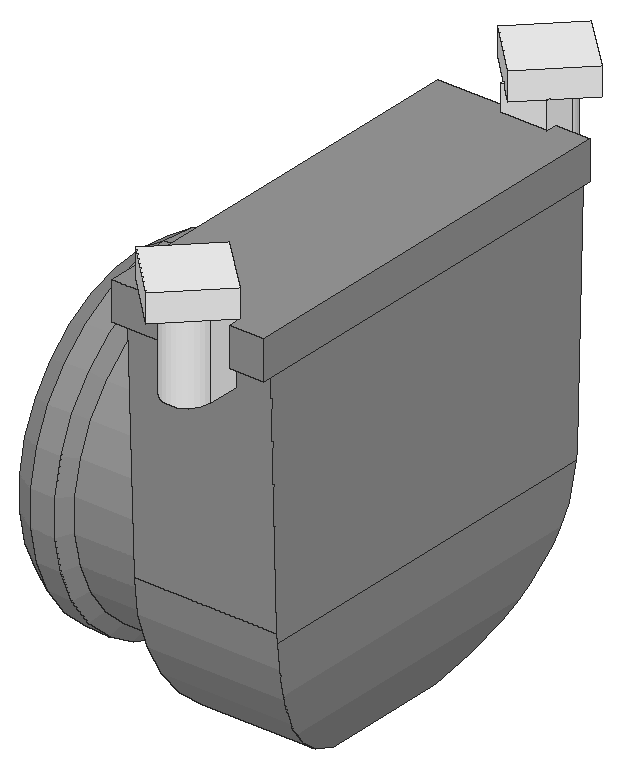
Revit family "HL_RU_Anti-flooding valve_HL712.0-A-171212", category Příslušenství trubek, Revit 2021
Family settings
  Kóta kulaté spojky = Použít průměr
  Typ dílu = Zakončení
  Číslo OmniClass = 23.65.55.14.21
  Nadpis OmniClass = Non-Return Valves for Liquid Services
  Založené na pracovní rovině = Ne
  Vždy vertikální = Ano
  Ořezat dutým tvarem při načtení = Ne
  Sdílené = Ne
Parameters (values of type "HL_Затвор_HL712.0")
  РАЗМЕР = "DN125"
  ПРОПУСКНАЯ СПОСОБНОСТЬ [instance] = 0.0 m³/h
  ПРАВОВАЯ ИНФОРМАЦИЯ = "\"Авторские права(©), права на дизайн или какие либо другие права интелектуальной собственности являются исключительной собственностью компании HL Hutterer & Lechner. Изменению не подлежит. Файл семейства с данными о прозводителе изделия защищен паролем с водяным знаком.\""
  ПАДЕНИЕ ДАВЛЕНИЯ [instance] = 0.0 Pa
  НОМИНАЛЬНЫЙ ДИАМЕТР = 125 mm
  МАТЕРИАЛ = "ABS"
  ВЫСОТА МОНТАЖА = "220 mm"
  ВЕС = "0,9 kg"
  Výrobce = "HL Hutterer & Lechner GmbH"
  Výchozí výška = 0 mm
  URL = "http://www.hutterer-lechner.com/ru/products/catalog/roof-drains/HL712.0.aspx"
  Popis = "Механический канализационный затвор"
  Model = "HL712.0"
  Komentáře k typům = "Затвор DN125 с заслонкой из нержавеющей стали и муфтой для труб из синтетического материала."
  Keynote = "HL712.0"
  EAN = "9003076971206"
  Cena = 0
Types (2, lengths in mm): name | URL | Popis | Komentáře k typům
  (no name) | "http://www.hutterer-lechner.com/en/products/catalog/roof-drains/HL712.0.aspx" | "Anti flood valves" | "anti-flood valve DN125 with stainless steel flap and socket for plastic pipes"
  HL_Затвор_HL712.0 | "http://www.hutterer-lechner.com/ru/products/catalog/roof-drains/HL712.0.aspx" | "Механический канализационный затвор" | "Затвор DN125 с заслонкой из нержавеющей стали и муфтой для труб из синтетического материала."
Values of the unnamed type that differ from the named types
  ПРАВОВАЯ ИНФОРМАЦИЯ = "\"Copyright (©), design rights or any other intellectual property rights, shall be the exclusive property of HL Hutterer & Lechner GmbH. Modification is not allowed. Family has been watermarked.\""
Reference planes
  plane 1 "Střed (vpředu/vzadu)": y = 0
  plane 2: z = 0
  plane 3 "Střed (vlevo/vpravo)": x = 0
Forms (mm)
  Sweep 1, solid, material "Plastic - Orange", detail levels fine
    path origin (4.086, 0, 113.4) x (-1, 0, 0) y (0, 0, 1)
      loop
        line (-62, -16.5) -> (0, -16.5)
    profile origin (35.086, 0, 96.9) x (0, 0, 1) y (0, 1, 0)
      loop
        line (0, 0) -> (0, 85.008) -> (-101.459, 81.465)
        arc (-101.459, 81.465) -> (-157.383, 56.646) -> (-180.506, 0) r 81.907
        arc (-180.506, 0) -> (-157.383, -56.646) -> (-101.459, -81.465) r 81.907
        line (-101.459, -81.465) -> (0, -85.008) -> (0, 0)
  Extrusion 2, void
    sketch origin (4.086, 0, 113.4) x (-1, 0, 0) y (0, 0, 1)
      loop
        arc (-43.754, -191.982) -> (-57.363, -158.164) -> (-62, -122.006) r 143.303
        line (-62, -122.006) -> (-62, -197.006) -> (-34.242, -197.006) -> (-34.242, -191.982) -> (-43.754, -191.982)
    from -110 to 110
  Revolve 3, solid, material "Plastic - Orange", detail levels fine
    sketch origin (4.086, 0, 113.4) x (-1, 0, 0) y (0, 0, 1)
      loop
        line (62, -113.4) -> (0, -113.4) -> (0, -180.634) -> (37.916, -180.634) -> (41.665, -186.633) -> (52.382, -186.071) -> (62, -180.061) -> (62, -113.4)
      axis (62, -113.4) -> (0, -113.4)
    angle from 0 to 360
  Extrusion 4, solid, material "Plastic - Orange", detail levels fine
    sketch origin (66.086, 0, 96.9) x (-1, 0, 0) y (0, -1, 0)
      loop
        line (0, 88.75) -> (0, -88.75) -> (66.086, -88.75) -> (66.086, 88.75) -> (0, 88.75)
    from 0 to 16.5
  Extrusion 5, solid, material "Plactic - White", detail levels fine
    sketch origin (94.75, 0, 113.4) x (-1, 0, 0) y (0, -1, 0)
      loop
        line (54, -121.127) -> (76.627, -98.5) -> (54, -75.873) -> (31.373, -98.5) -> (54, -121.127)
    from 11.235 to 23.235
  Extrusion 6, solid, material "Plactic - White", detail levels fine
    sketch origin (94.75, 0, 124.635) x (0, -1, 0) y (-1, 0, 0)
      loop
        arc (-98.5, 64) -> (-108.5, 54) -> (-98.5, 44) r 10
        line (-98.5, 44) -> (-84.694, 44) -> (-84.694, 64) -> (-98.5, 64)
    from 0 to 37.235
  Extrusion 7, solid, material "Plactic - White", detail levels fine
    sketch origin (94.75, 0, 113.4) x (-1, 0, 0) y (0, -1, 0)
      loop
        line (54, 121.127) -> (31.373, 98.5) -> (54, 75.873) -> (76.627, 98.5) -> (54, 121.127)
    from 11.235 to 23.235
  Extrusion 8, solid, material "Plactic - White", detail levels fine
    sketch origin (94.75, 0, 124.635) x (0, -1, 0) y (-1, 0, 0)
      loop
        line (98.5, 64) -> (84.694, 64) -> (84.694, 44) -> (98.5, 44)
        arc (98.5, 44) -> (108.5, 54) -> (98.5, 64) r 10
    from 0 to 37.235
Cuts and joins
  Extrusion 2 cuts Sweep 1
Lines and regions (mm)
  symbolic lines, style "Symbol", detail levels coarse+medium
    curve 1: line (0, -105, 0) -> (0, 105, 0)
    curve 2: circle (205, -0.5, 0) r 100 normal (0, 0, 1)
    curve 3: line (0, 0, 0) -> (105.001, 0, 0)
  model lines, style "Symbol", detail levels coarse+medium
    curve 4: line (0, 0, -105) -> (0, 0, 105)
    curve 5: line (0, 0, 0) -> (105, 0, 0)
    curve 6: circle (205, 0, 0) r 100 normal (0, -1, 0)
Dimensions and locks
  aligned and locked: level to plane 2
Connectors
  piping at (0, 0, 0), diameter 125, driven by "ПАДЕНИЕ ДАВЛЕНИЯ", driven by "НОМИНАЛЬНЫЙ ДИАМЕТР", driven by "ПРОПУСКНАЯ СПОСОБНОСТЬ"
    settings: on plane 3 "Střed (vlevo/vpravo)", index 1, connector inside diameter 609.6 mm, connector length 0 mm, flow factor 0, pipe flow 0.0 m³/h, pressure drop 0.0 Pa, fitting loss kfactor 0, connector angle 0.00°, fixture units 0, engagement length 0 mm, angle of deflection 0.00°, flow configuration 0, flow direction 0, fitting loss method 4, system type 16, joint type 0, gender type 0, connector reference index -1, connector utility 0, adjustable connector no, is connector primary yes, connector description ""
